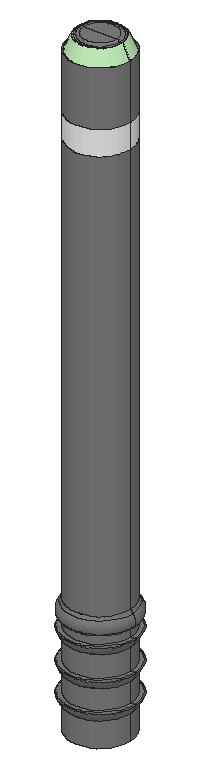
Revit family "Pilona Flexible HFLEX LED Solar", category Furniture, Revit 2020
Family settings
  OmniClass Number = 23.40.20.00
  OmniClass Title = General Furniture and Specialties
  Work Plane-Based = No
  Always vertical = Yes
  Cut with Voids When Loaded = No
  Shared = No
  Room Calculation Point = No
Parameters (values of type "Pilona Flexible Luminosa Con LED Solar-HFLEXLEDSOL-1030mm")
  URL_Producto = "https://www.benito.com/es/mobiliario-urbano/pilonas-flexibles/flexible-luminosa-con-led-solar--HFLEXLEDSOL.html"
  Type Comments = "Se fabrica en variante fija o móvil con bases de poliuretano o de acero inoxidable. También en versión con peana para instalación atornillada.\r\nSupera una flexión de 1500 ciclos a 45º y 50 ciclos a 90º, sin daños. Clasificación “E” de comportamiento al fuego, según norma UNE-EN\r\n13501-1:2007+A1:2010"
  Referencia = "HFLEXLEDSOL"
  Material reflectante = Aluminium
  Material LED = LED verde
  Material = Poliuretano flexible
  H1 = 190.000 mm
  H = 1030.000 mm
  Ficha_Tecnica = "https://www.benito.com/es/download/data-sheet-HFLEXLEDSOL"
  Fabricante = "BENITO URBAN SL"
  Description = "Pilona luminosa con LED solar, fabricada en poliuretano flexible en color negro (opcional en rojo, verde, amarillo o azul), resistente a los rayos\r\nUV, con una banda reflectante."
  Default Elevation = 0.000 mm
  A = 100.000 mm
Reference planes
  plane 1 "Center (Front/Back)": y = 0
  plane 2: z = 0
  plane 3 "Center (Left/Right)": x = 0
  plane 4: z = 190
  plane 5: z = 1030
  plane 6: x = -50
  plane 7: x = 50
  plane 8: x = -50
  plane 9: x = 50
Forms (mm)
  Revolve 1, solid, material "Poliuretano flexible" <- "Material"
    sketch origin (0, 0, 0) x (1, 0, 0) y (0, 0, 1)
      loop
        line (-50, 1004.95) -> (-50, 915) -> (-45, 915) -> (-45, 874.706) -> (-50, 874.706) -> (-50, 195) -> (-53.124, 190)
        arc (-53.124, 190) -> (-57.818, 181.282) -> (-56.428, 171.479) r 15.864
        arc (-56.428, 171.479) -> (-53.527, 169.448) -> (-50, 169.14) r 6.84
        line (-50, 169.14) -> (-50, 154.14) -> (-57.057, 154.14)
        arc (-57.057, 154.14) -> (-58.064, 153.602) -> (-58.175, 152.466) r 1.21
        arc (-58.175, 152.466) -> (-54.59, 145.349) -> (-50, 138.834) r 54.196
        line (-50, 138.834) -> (-50, 103.834) -> (-57.057, 103.834)
        arc (-57.057, 103.834) -> (-58.064, 103.296) -> (-58.175, 102.161) r 1.21
        arc (-58.175, 102.161) -> (-54.59, 95.044) -> (-50, 88.529) r 54.196
        line (-50, 88.529) -> (-50, 56.43) -> (-57.057, 56.43)
        arc (-57.057, 56.43) -> (-58.064, 55.892) -> (-58.175, 54.757) r 1.21
        arc (-58.175, 54.757) -> (-54.59, 47.639) -> (-50, 41.125) r 54.196
        line (-50, 41.125) -> (-50, 0) -> (0, 0) -> (0, 1029.467) -> (-27.069, 1029.467)
        arc (-27.069, 1029.467) -> (-29.943, 1028.927) -> (-32.426, 1027.383) r 7.927
        line (-32.426, 1027.383) -> (-35.629, 1027.008) -> (-46.195, 1004.35) -> (-46.795, 1004.95) -> (-50, 1004.95)
      axis (0, 1029.467) -> (0, 0)
    angle from 0 to 360
  Revolve 2, solid, material "Aluminium" <- "Material reflectante"
    sketch origin (0, 0, 0) x (1, 0, 0) y (0, 0, 1)
      loop
        line (-50, 915) -> (-50, 874.298) -> (-45, 874.298) -> (-45, 915) -> (-50, 915)
      axis (0, 874.298) -> (0, 915)
    angle from 0 to 360
  Revolve 3, solid, material "LED verde"
    sketch origin (0, 0, 0) x (1, 0, 0) y (0, 0, 1)
      loop
        line (-36.975, 1027.105) -> (-48.263, 1004.95) -> (-47.426, 1004.524) -> (-35.92, 1027.105) -> (-36.975, 1027.105)
      axis (0, 1027.105) -> (0, 1004.524)
    angle from 0 to 360
Dimensions and locks
  plane 5 to level = 1030.000 mm
  plane 4 to level = 190.000 mm
  plane 8 to plane 9 = 100.000 mm
  aligned and locked: level to plane 2
